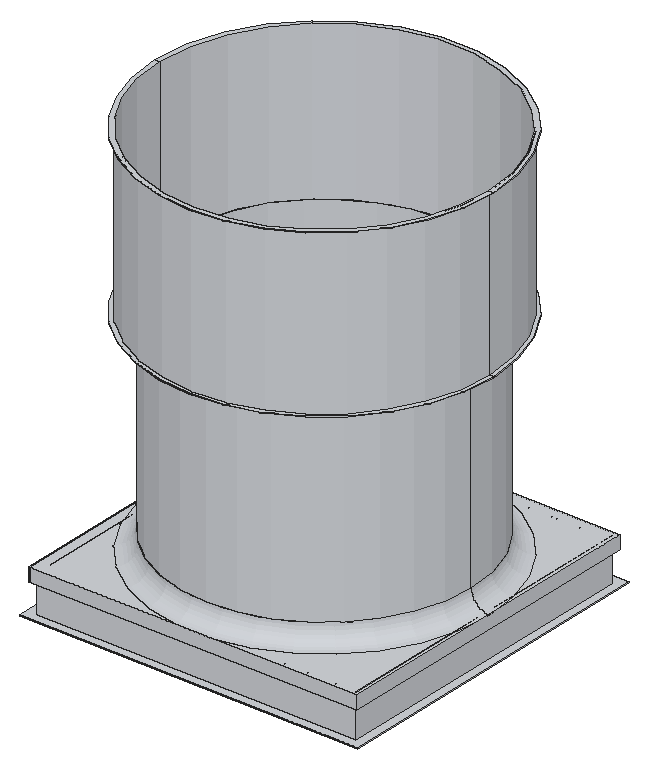
Revit family "TUD", category Mechanical Equipment, Revit 2019
Family settings
  Round Connector Dimension = Use Diameter
  Part Type = Normal
  Work Plane-Based = No
  Always vertical = Yes
  Cut with Voids When Loaded = No
  Shared = No
  Room Calculation Point = No
Parameters (values of type "60_TUD")
  Unit Weight [instance] = ""
  T_SQ/6 = T_SQ / 6  # 1' - 0"
  Sones [instance] = ""
  RO/2 = RO / 2  # 2' - 9 3/4"
  Motor RPM [instance] = ""
  Motor Enclosure [instance] = ""
  ModelID [instance] = ""
  LwA [instance] = ""
  RO = T_SQ - 0' 4 1/2"  # 5' - 7 1/2"
  Fan RPM [instance] = ""
  T_SQ/2 = T_SQ / 2  # 3' - 0"
  T_SQ = 6' - 0"
  E-.125" = E - 0' 0 1/8"  # 0' - 2 7/8"
  E+C-B-2" = E + C_ - B - 0' 2"  # 4' - 0 1/4"
  E = 0' - 3"
  D = 0' - 4"
  CURB_HEIGHT [instance] = 0' - 9 1/2"
  CURB [instance] = yes
  C-B-3" = C_ - B - 0' 3"  # 3' - 8 1/4"
  B/2 = B / 2  # 1' - 6 1/4"
  C-B = C_ - B  # 3' - 11 1/4"
  B = 3' - 0 1/2"
  Brake Hp [instance] = ""
  C_/2 = C_ / 2  # 3' - 5 7/8"
  C_ = 6' - 11 3/4"
  Accessories [instance] = ""
  A/4 = A / 3  # 2' - 0 1/4"
  A/2 = A / 2  # 3' - 0 3/8"
  A = 6' - 0 3/4"
  4" = 0' - 4"  # constant formula
  2' = 2' - 0"
  2" = 0' - 2"  # constant formula
  1' = 1' - 0"  # constant formula
  1" = 0' - 1"  # constant formula
  0 = 0' - 0"  # constant formula
  Voltage [instance] = 0 V
  URL = "www.lorencook.com"
  Type Comments = "Upblast Exhaust Ventilator Triton Steel Propeller Roof Mounted/ Direct Drive"  # constant formula
  Static Pressure [instance] = 0.00 in-wg
  Power [instance] = Voltage * Motor FLA * sqrt(if(Phase = 3, 3, 1))  # 0 VA
  Phase [instance] = 0
  Number of Poles [instance] = 1
  Motor Hp [instance] = "0"
  Motor FLA [instance] = 0 A
  Model = "TUD"  # constant formula
  Manufacturer = "Loren Cook Company"
  CFM [instance] = 0 CFM
  1.5 = 0' - 1 1/2"  # constant formula
  ONE EIGTH = 0' - 0 1/8"  # constant formula
  -(C/2) = -(B / 2)  # -1' - 6 1/4"
  -(A/2) = -(A / 2)  # -3' - 0 3/8"
  (T_SQ/2)+.125" = (T_SQ / 2) + 0' 0 1/8"  # 3' - 0 1/8"
  (A/2)-4.125" = (A / 2) - 0' 4 1/8"  # 2' - 8 1/4"
  (A/2)-4" = (A / 2) - 0' 4"  # 2' - 8 3/8"
Types (9): name | T_SQ/6 | RO/2 | RO | T_SQ/2 | T_SQ | E-.125" | E+C-B-2" | E | C-B-3" | B/2 | C-B | B | C_/2 | C_ | A/4 | A/2 | A | -(C/2) | -(A/2) | (T_SQ/2)+.125" | (A/2)-4.125" | (A/2)-4"
  (no name) | 1' - 0" | 2' - 9 3/4" | 5' - 7 1/2" | 3' - 0" | 6' - 0" | 0' - 2 7/8" | 4' - 0 1/4" | 0' - 3" | 3' - 8 1/4" | 1' - 6 1/4" | 3' - 11 1/4" | 3' - 0 1/2" | 3' - 5 7/8" | 6' - 11 3/4" | 2' - 0 1/4" | 3' - 0 3/8" | 6' - 0 3/4" | -1' - 6 1/4" | -3' - 0 3/8" | 3' - 0 1/8" | 2' - 8 1/4" | 2' - 8 3/8"
  24_TUD | 0' - 6" | 1' - 3 3/4" | 2' - 7 1/2" | 1' - 6" | 3' - 0" | 0' - 2 7/8" | 2' - 6 1/4" | 0' - 3" | 2' - 2 1/4" | 0' - 9 9/16" | 2' - 5 1/4" | 1' - 7 1/8" | 2' - 0 3/16" | 4' - 0 3/8" | 0' - 10.41667" | 1' - 3 5/8" | 2' - 7 1/4" | -0' - 9 9/16" | -1' - 3 5/8" | 1' - 6 1/8" | 0' - 11 1/2" | 0' - 11 5/8"
  30_TUD | 0' - 7" | 1' - 6 3/4" | 3' - 1 1/2" | 1' - 9" | 3' - 6" | 0' - 2 7/8" | 2' - 7 1/2" | 0' - 3" | 2' - 3 1/2" | 0' - 11 13/16" | 2' - 6 1/2" | 1' - 11 5/8" | 2' - 3 1/16" | 4' - 6 1/8" | 1' - 0.41667" | 1' - 6 5/8" | 3' - 1 1/4" | -0' - 11 13/16" | -1' - 6 5/8" | 1' - 9 1/8" | 1' - 2 1/2" | 1' - 2 5/8"
  36_TUD | 0' - 8" | 1' - 9 3/4" | 3' - 7 1/2" | 2' - 0" | 4' - 0" | 0' - 2 7/8" | 3' - 0 1/2" | 0' - 3" | 2' - 8 1/2" | 1' - 0 13/16" | 2' - 11 1/2" | 2' - 1 5/8" | 2' - 6 9/16" | 5' - 1 1/8" | 1' - 2.41667" | 1' - 9 5/8" | 3' - 7 1/4" | -1' - 0 13/16" | -1' - 9 5/8" | 2' - 0 1/8" | 1' - 5 1/2" | 1' - 5 5/8"
  42_TUD | 0' - 9" | 2' - 0 3/4" | 4' - 1 1/2" | 2' - 3" | 4' - 6" | 0' - 2 7/8" | 3' - 1 11/16" | 0' - 3" | 2' - 9 11/16" | 1' - 1 15/16" | 3' - 0 11/16" | 2' - 3 7/8" | 2' - 8 9/32" | 5' - 4 9/16" | 1' - 4.41667" | 2' - 0 5/8" | 4' - 1 1/4" | -1' - 1 15/16" | -2' - 0 5/8" | 2' - 3 1/8" | 1' - 8 1/2" | 1' - 8 5/8"
  48_TUD | 0' - 10" | 2' - 3 3/4" | 4' - 7 1/2" | 2' - 6" | 5' - 0" | 0' - 2 7/8" | 3' - 4 9/16" | 0' - 3" | 3' - 0 9/16" | 1' - 3 5/8" | 3' - 3 9/16" | 2' - 7 1/4" | 2' - 11 13/32" | 5' - 10 13/16" | 1' - 6.41667" | 2' - 3 5/8" | 4' - 7 1/4" | -1' - 3 5/8" | -2' - 3 5/8" | 2' - 6 1/8" | 1' - 11 1/2" | 1' - 11 5/8"
  54_TUD | 0' - 11" | 2' - 6 3/4" | 5' - 1 1/2" | 2' - 9" | 5' - 6" | 0' - 2 7/8" | 3' - 9" | 0' - 3" | 3' - 5" | 1' - 5 5/8" | 3' - 8" | 2' - 11 1/4" | 3' - 3 5/8" | 6' - 7 1/4" | 1' - 8 1/4" | 2' - 6 3/8" | 5' - 0 3/4" | -1' - 5 5/8" | -2' - 6 3/8" | 2' - 9 1/8" | 2' - 2 1/4" | 2' - 2 3/8"
  60_TUD | 1' - 0" | 2' - 9 3/4" | 5' - 7 1/2" | 3' - 0" | 6' - 0" | 0' - 2 7/8" | 4' - 0 1/4" | 0' - 3" | 3' - 8 1/4" | 1' - 6 1/4" | 3' - 11 1/4" | 3' - 0 1/2" | 3' - 5 7/8" | 6' - 11 3/4" | 2' - 0 1/4" | 3' - 0 3/8" | 6' - 0 3/4" | -1' - 6 1/4" | -3' - 0 3/8" | 3' - 0 1/8" | 2' - 8 1/4" | 2' - 8 3/8"
  20_TUD | 0' - 5.33333" | 1' - 1 3/4" | 2' - 3 1/2" | 1' - 4" | 2' - 8" | 0' - 1 7/8" | 2' - 5 5/8" | 0' - 2" | 2' - 2 5/8" | 0' - 9 1/16" | 2' - 5 5/8" | 1' - 6 1/8" | 1' - 11 7/8" | 3' - 11 3/4" | 0' - 6 7/8" | 0' - 10 5/16" | 1' - 8 5/8" | -0' - 9 1/16" | -0' - 10 5/16" | 1' - 4 1/8" | 0' - 6 3/16" | 0' - 6 5/16"
Reference planes (in)
  plane 1 "Center (Front/Back)": y = 0
  plane 2: z = 0
  plane 3 "Center (Left/Right)": x = 0.40541
Forms (in)
  Extrusion 1, solid
    sketch origin (0, 0, 0) x (1, 0, 0) y (0, 1, 0)
      loop
        line (-35.71959, 36.125) -> (-35.71959, -36.125) -> (36.53041, -36.125) -> (36.53041, 36.125) -> (-35.71959, 36.125)
    from 0 to 3 <- "E"
  Extrusion 2, void
    sketch origin (0, 0, 0) x (1, 0, 0) y (0, 1, 0)
      loop
        line (-35.59459, 36) -> (-35.59459, -36) -> (36.40541, -36) -> (36.40541, 36) -> (-35.59459, 36)
    from 0 to 2.875 <- "E-.125""
  Revolve 3, solid
    sketch origin (0, 0, 0) x (1, 0, 0) y (0, 0, 1)
      loop
        line (0.40541, 3) -> (36.78041, 3)
        arc (36.78041, 3) -> (33.95199, 4.17157) -> (32.78041, 7) r 4
        line (32.78041, 7) -> (0.40541, 7) -> (0.40541, 3)
      axis (0.40541, 7) -> (0.40541, 3)
    angle from 0 to 360
  Revolve 4, solid
    sketch origin (0, 0, 0) x (1, 0, 0) y (0, 0, 1)
      loop
        line (0.40541, 7) -> (32.78041, 7) -> (32.78041, 54.25) -> (0.40541, 54.25) -> (0.40541, 7)
      axis (0.40541, 7) -> (0.40541, 54.25)
    angle from 0 to 360
  Revolve 5, solid
    sketch origin (0, 0, 0) x (1, 0, 0) y (0, 0, 1)
      loop
        line (37.65541, 50.25) -> (37.65541, 50.375) -> (36.78041, 50.375) -> (36.78041, 86.625) -> (37.65541, 86.625) -> (37.65541, 86.75) -> (36.65541, 86.75) -> (36.65541, 50.25) -> (37.65541, 50.25)
      axis (0.40541, 50.25) -> (0.40541, 86.75)
    angle from 0 to 360
  Extrusion 6, void
    sketch origin (0, 0, 0) x (1, 0, 0) y (0, 1, 0)
      loop
        circle (0.40541, 0) r 32.25
    from 0 to 83.75 <- "C_"
  Extrusion 7, solid, visible <- "CURB"
    sketch origin (0, 0, 2.875) x (0, 1, 0) y (1, 0, 0)
      loop
        line (33.75, -33.34459) -> (33.75, 34.15541) -> (-33.75, 34.15541) -> (-33.75, -33.34459) -> (33.75, -33.34459)
      loop
        line (-35.25, 35.65541) -> (-35.25, -34.84459) -> (35.25, -34.84459) -> (35.25, 35.65541) -> (-35.25, 35.65541)
    from 0 to 9.5 <- "CURB_HEIGHT"
  Extrusion 8, solid, visible <- "CURB"
    sketch origin (0, 0, -6.625) x (-1, 0, 0) y (0, 1, 0)
      loop
        line (34.84459, -35.25) -> (34.84459, 35.25) -> (-35.65541, 35.25) -> (-35.65541, -35.25) -> (34.84459, -35.25)
      loop
        line (-37.65541, 37.25) -> (-37.65541, -37.25) -> (36.84459, -37.25) -> (36.84459, 37.25) -> (-37.65541, 37.25)
    from 0 to -0.125
Cuts and joins
  Extrusion 2, Extrusion 6 cuts Extrusion 1
  Extrusion 6 cuts Revolve 3
  Extrusion 6 cuts Revolve 4
  Extrusion 6 cuts Revolve 5
Dimensions and locks (in)
  "(T_SQ/2)+.125"": plane 1 "Center (Front/Back)" to Extrusion 1 sketch curve
  "(T_SQ/2)+.125"": Extrusion 1 sketch curve to plane 1 "Center (Front/Back)"
  "(T_SQ/2)+.125"": Extrusion 1 sketch curve to plane 3 "Center (Left/Right)"
  "(T_SQ/2)+.125"": plane 3 "Center (Left/Right)" to Extrusion 1 sketch curve
  "T_SQ/2": Extrusion 2 sketch curve to plane 3 "Center (Left/Right)"
  "T_SQ/2": plane 3 "Center (Left/Right)" to Extrusion 2 sketch curve
  "T_SQ/2": plane 1 "Center (Front/Back)" to Extrusion 2 sketch curve
  "T_SQ/2": Extrusion 2 sketch curve to plane 1 "Center (Front/Back)"
  "0": Revolve 3 sketch curve to plane 3 "Center (Left/Right)"  (x2)
  "0": Revolve 3 sketch curve to cut or joined group of Extrusion 1, Extrusion 2, Extrusion 6
  "4"": Revolve 3 sketch curve to cut or joined group of Extrusion 1, Extrusion 2, Extrusion 6
  "(A/2)-4"": Revolve 3 sketch curve to plane 3 "Center (Left/Right)"
  "0": Revolve 3 sketch curve to Revolve 3 sketch curve
  "0": Revolve 4 sketch curve to plane 3 "Center (Left/Right)"  (x2)
  "(A/2)-4"": Revolve 4 sketch curve to plane 3 "Center (Left/Right)"
  "0": Revolve 4 sketch curve to Revolve 3
  "A/2": plane 3 "Center (Left/Right)" to Revolve 5 sketch curve
  "0": Revolve 5 sketch curve to plane 3 "Center (Left/Right)"
  "C-B": Revolve 5 sketch curve to cut or joined group of Extrusion 1, Extrusion 2, Extrusion 6
  "B": Revolve 5 sketch curve to Revolve 5 sketch curve
  "ONE EIGTH": Revolve 5 sketch curve to Revolve 5 sketch curve  (x3)
  "1"": Revolve 5 sketch curve to Revolve 5 sketch curve  (x2)
  "0": Extrusion 6 sketch curve to plane 3 "Center (Left/Right)"
  "0": Extrusion 6 sketch curve to plane 1 "Center (Front/Back)"
  "D": Revolve 4 sketch curve to cut or joined group of Revolve 5, Extrusion 6
  "1.5": Extrusion 7 sketch curve to Extrusion 7 sketch curve  (x4)
  "RO/2": Extrusion 7 sketch curve to plane 3 "Center (Left/Right)"
  "RO/2": plane 3 "Center (Left/Right)" to Extrusion 7 sketch curve
  "RO/2": plane 1 "Center (Front/Back)" to Extrusion 7 sketch curve
  "RO/2": Extrusion 7 sketch curve to plane 1 "Center (Front/Back)"
  "2"": Extrusion 8 sketch curve to Extrusion 8 sketch curve  (x4)
  "0": Extrusion 8 sketch curve to Extrusion 7  (x3)
  "0": Extrusion 7 to Extrusion 8 sketch curve
  "(A/2)-4.125"": radius of Extrusion 6 sketch curve
Automatic sketch dimensions
  Revolve 3 sketch curve to level = 0' - 10"
  Revolve 3 sketch curve to Revolve 3 sketch curve = 0' - 1"
  level to Revolve 5 sketch curve = 3' - 0.63042"
  Revolve 5 sketch curve to Revolve 5 sketch curve = 1' - 5"
  Revolve 4 sketch curve to Revolve 4 sketch curve = 1' - 0"
  Revolve 4 sketch curve to Revolve 4 sketch curve = 0' - 3 3/4"
Connectors (in)
  electrical at (0.40541, 0, 0)
    settings: on cut or joined group of Extrusion 1, Extrusion 2, Extrusion 6, index 2, voltage 0 V, apparent load 0 VA, apparent load phase1 0 VA, apparent load phase2 0 VA, apparent load phase3 0 VA, power factor 1, load classification "Other", number of poles 1, system type 30, power factor state 1, is connector primary yes, connector utility no, sub classification motor no, connector description ""
  hvac at (0.40541, 0, 2.875), driven by "CFM", driven by "RO", driven by "RO"
    settings: on cut or joined group of Extrusion 1, Extrusion 2, Extrusion 6, index 3, duct flow 0 CFM, flow factor 0, pres drop 0.00 in-wg, loss coef 0, conn angle 0.00°, conn width 67 1/2", conn height 67 1/2", conn diameter 24", duct sys type 3, conn prof type 1, flow config 0, flow direction 2, loss method 0, conn ref index -1, conn util no, is conn primary yes, conn desc ""
